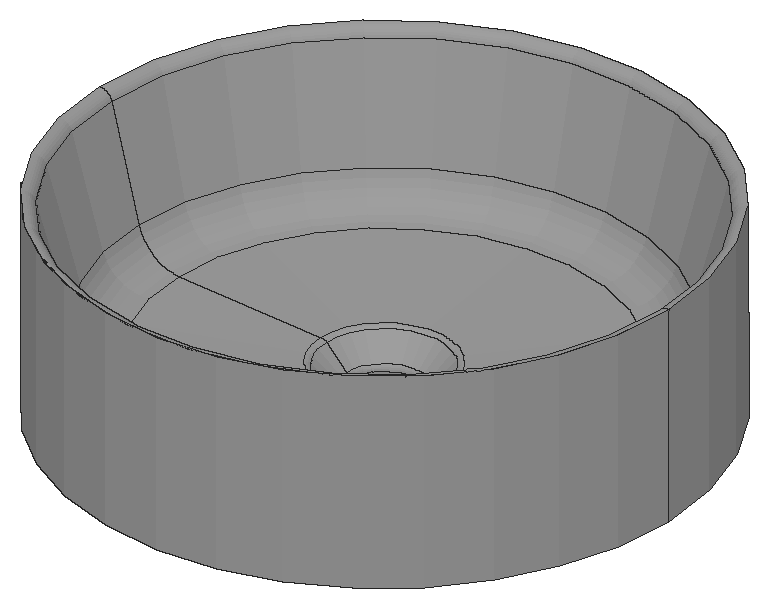
Revit family "Alma-CAMGRY11-Cameron Circle Concrete Basin-Meteor Grey", category Plumbing Fixtures, host Face, Revit 2022
Family settings
  Host = Face
  Round Connector Dimension = Use Diameter
  Part Type = Normal
  Cut with Voids When Loaded = No
  Maintain Annotation Orientation = No
  Shared = No
  Room Calculation Point = No
Parameters (values of type "Cameron Meteor Grey")
  URL = "https://www.buildmat.com.au/products/cameron-grey-circle-concrete-basin"
  Model = "CAMGRY11"  # constant formula
  Material Basin = Alma Meteor Grey
  Manufacturer = "BUILDMAT"  # constant formula
  Description = "Cameron Circle Concrete Basin"  # constant formula
  Default Elevation = 1219.2 mm
  Created = "22.12.2023"  # constant formula
  Cost = 0
  Brand = "Alma"  # constant formula
Reference planes
  plane 1 "Center (Front/Back)": y = 0
  plane 2 "Bottom": z = 0
  plane 3 "Centro (Izquierda/Derecha)": x = 0
  plane 4 "Back": y = 180
  plane 5 "Front": y = -180
  plane 6 "Left": x = -180
  plane 7 "Right": x = 180
  plane 8: x = -172.5
  plane 9: x = 172.5
  plane 10: y = 172.5
  plane 11: y = -172.5
  plane 12: y = 40
  plane 13: y = -40
  plane 14: x = -40
  plane 15: x = 40
  plane 16: x = -22.5
  plane 17: x = 22.5
  plane 18: y = 22.5
  plane 19: y = -22.5
  plane 20 "Top": z = 120
  plane 21: z = 30
Forms (mm)
  Revolve 1, solid, material "Alma Meteor Grey" <- "Material Basin"
    sketch origin (0, 0, 0) x (1, 0, 0) y (0, 0, 1)
      loop
        line (-180, 120) -> (-180, 0) -> (-22.5, 0) -> (-22.5, 9.215)
        arc (-22.5, 9.215) -> (-22.881, 11.128) -> (-23.964, 12.751) r 5
        line (-23.964, 12.751) -> (-36.587, 25.373)
        arc (-36.587, 25.373) -> (-38.153, 26.439) -> (-40, 26.857) r 5.077
        line (-40, 26.857) -> (-130, 30)
        arc (-130, 30) -> (-145.983, 35.897) -> (-155.324, 50.144) r 27.2
        line (-155.324, 50.144) -> (-172.5, 114.245)
        arc (-172.5, 114.245) -> (-175.273, 118.395) -> (-180, 120) r 7.765
      axis (0, 120) -> (0, 0)
    angle from 0 to 360
Lines and regions (mm)
  symbolic lines, detail levels medium+fine
    curve 1: arc (-172.5, 0, 114.245) -> (-175.273, 0, 118.395) -> (-180, 0, 120) r 7.765
    curve 2: line (-172.5, 0, 114.245) -> (-155.324, 0, 50.144)
    curve 3: arc (-155.324, 0, 50.144) -> (-145.983, 0, 35.897) -> (-130, 0, 30) r 27.2
    curve 4: line (-130, 0, 30) -> (-40, 0, 26.857)
    curve 5: line (-36.587, 0, 25.373) -> (-23.964, 0, 12.751)
    curve 6: arc (-36.587, 0, 25.373) -> (-38.153, 0, 26.439) -> (-40, 0, 26.857) r 5.077
    curve 7: line (-22.5, 0, 9.215) -> (-22.5, 0, 0)
    curve 8: arc (-23.964, 0, 12.751) -> (-22.881, 0, 11.128) -> (-22.5, 0, 9.215) r 5
    curve 9: arc (172.5, 0, 114.245) -> (175.273, 0, 118.395) -> (180, 0, 120) r 7.765
    curve 10: line (172.5, 0, 114.245) -> (155.324, 0, 50.144)
    curve 11: arc (155.324, 0, 50.144) -> (145.983, 0, 35.897) -> (130, 0, 30) r 27.2
    curve 12: line (130, 0, 30) -> (40, 0, 26.857)
    curve 13: line (36.587, 0, 25.373) -> (23.964, 0, 12.751)
    curve 14: arc (36.587, 0, 25.373) -> (38.153, 0, 26.439) -> (40, 0, 26.857) r 5.077
    curve 15: line (22.5, 0, 9.215) -> (22.5, 0, 0)
    curve 16: arc (23.964, 0, 12.751) -> (22.881, 0, 11.128) -> (22.5, 0, 9.215) r 5
Text (mm)
  text "Refer to www.buildmat.com.au for the most current product literature. \nAllow a +/- 5mm tolerance for dimensions shown in the product literature. \nPlease note product details are subject to change due to ongoing product development." at (0.056, -1035.857, 0), in view "Nivel de referencia"
Dimensions and locks
  equal spacing: plane 4 "Back", plane 1 "Center (Front/Back)", plane 5 "Front"
  equal spacing: plane 6 "Left", plane 3 "Centro (Izquierda/Derecha)", plane 7 "Right"
  plane 6 "Left" to plane 7 "Right" = 360.0 mm
  plane 4 "Back" to plane 5 "Front" = 360.0 mm
  plane 6 "Left" to plane 8 = 7.5 mm
  plane 9 to plane 7 "Right" = 7.5 mm
  plane 4 "Back" to plane 10 = 7.5 mm
  plane 11 to plane 5 "Front" = 7.5 mm
  equal spacing: plane 14, plane 3 "Centro (Izquierda/Derecha)", plane 15
  plane 14 to plane 15 = 80.0 mm
  plane 12 to plane 13 = 80.0 mm
  equal spacing: plane 12, plane 1 "Center (Front/Back)", plane 13
  plane 18 to plane 19 = 45.0 mm
  equal spacing: plane 18, plane 1 "Center (Front/Back)", plane 19
  equal spacing: plane 16, plane 3 "Centro (Izquierda/Derecha)", plane 17
  plane 16 to plane 17 = 45.0 mm
  plane 20 "Top" to plane 2 "Bottom" = 120.0 mm
  plane 20 "Top" to plane 21 = 90.0 mm
  aligned and locked: plane 2 "Bottom" to host face
  aligned and locked: level to host face
  aligned and locked: Revolve 1 sketch curve to plane 3 "Centro (Izquierda/Derecha)"
Automatic sketch dimensions
  host sketch curve to host sketch curve = 2438.4 mm  (x2)
  Revolve 1 sketch curve to level = 0.0 mm
  Revolve 1 sketch curve to plane 6 "Left" = 0.0 mm
  Revolve 1 sketch curve to plane 20 "Top" = 0.0 mm
  Revolve 1 sketch curve to level = 40.456 mm
  plane 20 "Top" to Revolve 1 sketch curve = 24.544 mm
  Revolve 1 sketch curve to plane 8 = 0.0 mm
  Revolve 1 sketch curve to plane 20 "Top" = 7.765 mm
  plane 8 to Revolve 1 sketch curve = 17.176 mm
  plane 21 to Revolve 1 sketch curve = 20.144 mm
  Revolve 1 sketch curve to plane 21 = 0.0 mm
  Revolve 1 sketch curve to Revolve 1 sketch curve = 26.273 mm
  Revolve 1 sketch curve to Revolve 1 sketch curve = 7.04 mm
  Revolve 1 sketch curve to plane 14 = 0.0 mm
  Revolve 1 sketch curve to plane 21 = 3.143 mm
  Revolve 1 sketch curve to plane 14 = 0.177 mm
  Revolve 1 sketch curve to Revolve 1 sketch curve = 5.074 mm
  plane 14 to Revolve 1 sketch curve = 3.413 mm
  Revolve 1 sketch curve to plane 16 = 1.464 mm
  level to Revolve 1 sketch curve = 12.751 mm
  Revolve 1 sketch curve to plane 16 = 0.0 mm
  Revolve 1 sketch curve to Revolve 1 sketch curve = 3.536 mm
  curve 1 to plane 6 "Left" = 0.0 mm
  curve 2 to plane 8 = 0.0 mm
  curve 3 to plane 21 = 0.0 mm
  curve 6 to plane 14 = 0.0 mm
  curve 7 to level = 0.0 mm
  curve 7 to plane 16 = 0.0 mm
  curve 16 to plane 17 = 0.0 mm
  curve 12 to plane 15 = 0.0 mm
  curve 12 to plane 21 = 0.0 mm
  curve 9 to plane 9 = 0.0 mm
  curve 9 to plane 7 "Right" = 0.0 mm
  curve 15 to level = 0.0 mm
  curve 1 to plane 20 "Top" = 0.0 mm
  curve 9 to plane 20 "Top" = 0.0 mm
  plane 8 to curve 2 = 17.176 mm
  curve 3 to curve 4 = 25.324 mm
  curve 4 to curve 3 = 0.949 mm
  curve 6 to plane 14 = 0.177 mm
  plane 14 to curve 5 = 3.413 mm
  curve 8 to curve 7 = 5.0 mm
  curve 5 to plane 16 = 1.464 mm
  plane 17 to curve 13 = 1.464 mm
  curve 15 to curve 16 = 5.0 mm
  curve 13 to plane 15 = 3.413 mm
  plane 15 to curve 14 = 0.177 mm
  curve 11 to plane 9 = 43.449 mm
  curve 11 to curve 12 = 0.949 mm
  curve 10 to plane 9 = 17.176 mm
  level to curve 16 = 9.215 mm
  level to curve 8 = 9.215 mm
  curve 6 to plane 21 = 8.217 mm
  curve 14 to plane 21 = 8.217 mm
  curve 5 to plane 21 = 4.627 mm
  curve 13 to plane 21 = 4.627 mm
  plane 21 to curve 10 = 20.144 mm
  plane 21 to curve 2 = 20.144 mm
  curve 9 to plane 20 "Top" = 7.765 mm
  curve 1 to plane 20 "Top" = 7.765 mm
